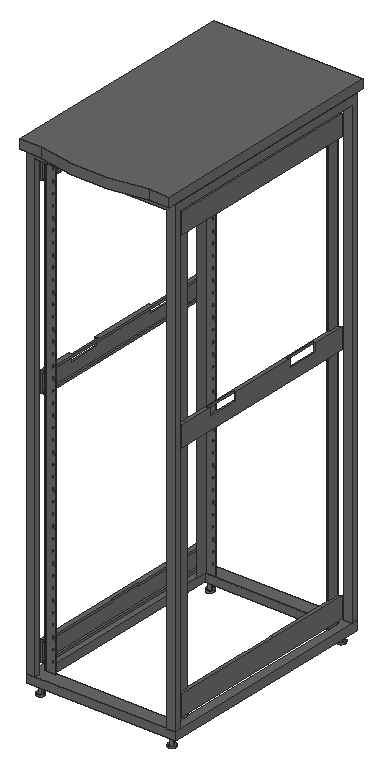
Revit family "V61A-42U-Without doors-09.04.14", category Electrical Equipment, Revit 2013
Parameters (values of type "V61A-42U")
  Weight = 0.00 lbf
  Visibility Door Right [instance] = and(Side Panel Right, not(Hide Doors))  # no
  Visibility Door Left [instance] = and(Side Panel Left, not(Hide Doors))  # no
  Visibility Door Front [instance] = and(Door Front, not(Hide Doors))  # no
  Visibility Door Back [instance] = and(Door Back, not(Hide Doors))  # no
  Version = ""
  Usable Depth = 806.00 mm
  U/M = "EA"
  U Space = "42"
  System = "VPOD"
  Side Panel Right = no
  Side Panel Left = no
  Serial Number = ""
  Segment = "CSS"
  Ports = 0
  Mounting rail 45 U = SIEMON STEEL
  Mounting Rail Material = SIEMON STEEL
  Model = "V61A"
  Metal = SIEMON STEEL
  Manufacturer = "SIEMON"
  Lock = ""
  Loaded/Empty = "N/A"
  Item Group = "RACKS"
  Item Class = "1F"
  Hide Doors [instance] = no
  Door Front = no
  Door Construction Side = if(and(Side Panel Right, Side Panel Left), 2, if(and(not(Side Panel Right), not(Side Panel Left)), 0, 1))  # 0
  Door Construction Front = ""
  Door Construction Back = ""
  Door Back = no
  Description = "WARNING: PLEASE RELOAD FAMILY USING THE TYPE CATALOG"
  Color = "BLACK"
  Cabinet Width Overall = 600.00 mm
  Cabinet Height = 2016.00 mm
  Cabinet Depth = 1000.00 mm
Reference planes
  plane 1 "Center (Front/Back)": y = 0
  plane 2: z = 0
  plane 3 "Center (Left/Right)": x = 0
  plane 4: z = 2011.4
  plane 5: z = 1966.95
  plane 6: z = 1922.5
  plane 7: z = 1878.05
  plane 8: z = 1833.6
  plane 9: z = 1789.15
  plane 10: z = 1744.7
  plane 11: z = 1700.25
  plane 12: z = 1655.8
  plane 13: z = 1611.35
  plane 14: z = 1566.9
  plane 15: z = 1522.45
  plane 16: z = 1478
  plane 17: z = 1433.55
  plane 18: z = 1389.1
  plane 19: z = 1344.65
  plane 20: z = 1300.2
  plane 21: z = 1255.75
  plane 22: z = 1211.3
  plane 23: z = 1166.85
  plane 24: z = 1122.4
  plane 25: z = 1077.95
  plane 26: z = 1033.5
  plane 27: z = 989.05
  plane 28: z = 944.6
  plane 29: z = 900.15
  plane 30: z = 855.7
  plane 31: z = 811.25
  plane 32: z = 766.8
  plane 33: z = 722.35
  plane 34: z = 677.9
  plane 35: z = 633.45
  plane 36: z = 589
  plane 37: z = 544.55
  plane 38: z = 500.1
  plane 39: z = 455.65
  plane 40: z = 411.2
  plane 41: z = 366.75
  plane 42: z = 322.3
  plane 43: z = 277.85
  plane 44: z = 233.4
  plane 45: z = 188.95
  plane 46: z = 144.5
  plane 47: z = 100.05
  plane 48: z = 2055.85
Forms (mm)
  Extrusion 1, solid, material "SIEMON STEEL" <- "Mounting rail 45 U"
    sketch origin (0, -15, -124) x (1, 0, 0) y (0, 1, 0)
      loop
        line (301.386, 985.014) -> (-298.7, 985.014) -> (-298.7, 75) -> (301.386, 75) -> (301.386, 985.014)
    from 2067.5 to 2098.45
  Extrusion 2, solid, material "SIEMON STEEL" <- "Mounting rail 45 U"
    sketch origin (0.137, -90, 0) x (1, 0, 0) y (0, 1, 0)
      loop
        line (266.25, 170.06) -> (266.25, 150) -> (301.25, 150) -> (301.25, 170.06) -> (266.25, 170.06)
      loop
        line (-298.75, 170.06) -> (-298.75, 150) -> (-263.75, 150) -> (-263.75, 170.06) -> (-298.75, 170.06)
      loop
        line (301.25, 1039.94) -> (301.25, 1060) -> (266.25, 1060) -> (266.25, 1039.94) -> (301.25, 1039.94)
      loop
        line (-298.75, 1039.94) -> (-263.75, 1039.94) -> (-263.75, 1060) -> (-298.75, 1060) -> (-298.75, 1039.94)
    from 76.059 to 1943.5
  Extrusion 3, solid, material "SIEMON STEEL" <- "Mounting Rail Material"
    sketch origin (0.02, 0, 10.625) x (1, 0, 0) y (0, 1, 0)
      loop
        line (-298.72, 968.662) -> (-298.72, 60.1) -> (301.366, 60.1) -> (301.366, 968.662) -> (-298.72, 968.662)
      loop
        line (-265, 913.302) -> (-265, 116.7) -> (265, 116.7) -> (265, 913.302) -> (-265, 913.302)
    from 31.504 to 65.034
  Extrusion 4, solid, material "Cold rolled steel (CRS)", detail levels medium+fine
    sketch origin (-25.335, 547.951, 0) x (1, 0, 0) y (0, 1, 0)
      loop
        circle (289.695, 392.503) r 15
    from 0 to 5.027
  Extrusion 5, solid
    sketch origin (114.531, 0, -10) x (1, 0, 0) y (0, 1, 0)
      loop
        circle (149.594, 940.281) r 6
    from 15.027 to 52.129
  Extrusion 6, solid, material "Cold rolled steel (CRS)", detail levels medium+fine
    sketch origin (554.046, 480.196, 0) x (-1, 0, 0) y (0, -1, 0)
      loop
        circle (289.695, 392.503) r 15
    from 0 to 5.027
  Extrusion 7, solid
    sketch origin (413.75, 1028.147, 3.439) x (-1, 0, 0) y (0, -1, 0)
      loop
        circle (149.594, 940.281) r 6
    from 1.589 to 38.69
  Extrusion 8, solid, material "Cold rolled steel (CRS)", detail levels medium+fine
    sketch origin (25.375, 547.951, 0) x (-1, 0, 0) y (0, -1, 0)
      loop
        circle (289.695, -392.503) r 15
    from 0 to 5.027
  Extrusion 9, solid
    sketch origin (-114.491, 0, -10) x (-1, 0, 0) y (0, -1, 0)
      loop
        circle (149.594, -940.281) r 6
    from 15.027 to 52.129
  Extrusion 10, solid, material "Cold rolled steel (CRS)", detail levels medium+fine
    sketch origin (-554.007, 480.196, 0) x (1, 0, 0) y (0, 1, 0)
      loop
        circle (289.695, -392.503) r 15
    from 0 to 5.027
  Extrusion 11, solid
    sketch origin (-413.71, 1028.147, 3.439) x (1, 0, 0) y (0, 1, 0)
      loop
        circle (149.594, -940.281) r 6
    from 1.589 to 38.69
  Extrusion 12, solid, material "SIEMON STEEL"
    sketch origin (0, -0.108, -124) x (1, 0, 0) y (0, 1, 0)
      loop
        line (-298.7, 27.143) -> (-215.3, 27.143)
        arc (-215.3, 27.143) -> (1.343, 0.448) -> (217.986, 27.143) r 892.42
        line (217.986, 27.143) -> (301.386, 27.143) -> (301.386, 1000.156) -> (-298.7, 1000.156) -> (-298.7, 27.143)
    from 2102.5 to 2140
Cuts and joins
  joined: Extrusion 1, Extrusion 2
Lines and regions (mm)
  model lines, detail levels coarse+fine
    curve 1: line (154.83, 904.97, 2017.25) -> (-156.781, 904.97, 2017.25)
    curve 2: line (-161.781, 899.97, 2017.25) -> (-161.781, 861.539, 2017.25)
    curve 3: line (-156.781, 856.539, 2017.25) -> (154.83, 856.539, 2017.25)
    curve 4: arc (-156.781, 904.97, 2017.25) -> (-160.317, 903.506, 2017.25) -> (-161.781, 899.97, 2017.25) r 5
    curve 5: arc (-161.781, 861.539, 2017.25) -> (-160.317, 858.003, 2017.25) -> (-156.781, 856.539, 2017.25) r 5
    curve 6: line (-158.781, 899.97, 2017.25) -> (-158.781, 877.002, 2017.25)
    curve 7: arc (-158.781, 861.539, 2017.25) -> (-158.196, 860.124, 2017.25) -> (-156.781, 859.539, 2017.25) r 2
    curve 8: line (-156.781, 859.539, 2017.25) -> (154.83, 859.539, 2017.25)
    curve 9: line (154.83, 901.97, 2017.25) -> (-156.781, 901.97, 2017.25)
    curve 10: arc (-156.781, 901.97, 2017.25) -> (-158.196, 901.385, 2017.25) -> (-158.781, 899.97, 2017.25) r 2
    curve 11: line (-158.781, 877.002, 2017.25) -> (-158.781, 861.539, 2017.25)
    curve 12: line (159.83, 899.97, 2017.25) -> (159.83, 861.539, 2017.25)
    curve 13: arc (154.83, 904.97, 2017.25) -> (158.366, 903.506, 2017.25) -> (159.83, 899.97, 2017.25) r 5
    curve 14: arc (159.83, 861.539, 2017.25) -> (158.366, 858.003, 2017.25) -> (154.83, 856.539, 2017.25) r 5
    curve 15: line (156.83, 899.97, 2017.25) -> (156.83, 877.002, 2017.25)
    curve 16: arc (156.83, 861.539, 2017.25) -> (156.244, 860.124, 2017.25) -> (154.83, 859.539, 2017.25) r 2
    curve 17: arc (154.83, 901.97, 2017.25) -> (156.244, 901.385, 2017.25) -> (156.83, 899.97, 2017.25) r 2
    curve 18: line (156.83, 877.002, 2017.25) -> (156.83, 861.539, 2017.25)
    curve 19: circle (228.086, 958.058, 2017.25) r 3.361 normal (0, 0, 1)
    curve 20: circle (-239.74, 958.058, 2017.25) r 3.361 normal (0, 0, -1)
    curve 21: circle (-259.391, 929.515, 2017.25) r 6.221 normal (0, 0, 1)
    curve 22: circle (257.661, 929.515, 2017.25) r 6.221 normal (0, 0, -1)
    curve 23: line (236.892, 762.002, 2017.25) -> (-238.02, 762.002, 2017.25)
    curve 24: line (240.895, 757.999, 2017.25) -> (236.892, 762.002, 2017.25)
    curve 25: circle (-162.497, 748.584, 2017.25) r 6.221 normal (0, 0, 1)
    curve 26: circle (163.18, 748.584, 2017.25) r 6.221 normal (0, 0, 1)
    curve 27: line (236.892, 589.225, 2017.25) -> (-238.02, 589.225, 2017.25)
    curve 28: line (-238.02, 589.225, 2017.25) -> (-242.023, 593.227, 2017.25)
    curve 29: line (-242.023, 593.227, 2017.25) -> (-242.023, 757.999, 2017.25)
    curve 30: line (240.895, 757.999, 2017.25) -> (240.895, 593.227, 2017.25)
    curve 31: line (240.895, 593.227, 2017.25) -> (236.892, 589.225, 2017.25)
    curve 32: circle (-162.497, 602.642, 2017.25) r 6.221 normal (0, 0, -1)
    curve 33: circle (163.18, 602.642, 2017.25) r 6.221 normal (0, 0, -1)
    curve 34: line (-242.023, 757.999, 2017.25) -> (-238.02, 762.002, 2017.25)
    curve 35: line (178.58, 213.08, 2017.25) -> (178.58, 524.692, 2017.25)
    curve 36: line (183.58, 529.692, 2017.25) -> (219.512, 529.692, 2017.25)
    curve 37: line (224.512, 524.692, 2017.25) -> (224.512, 213.08, 2017.25)
    curve 38: arc (178.58, 524.692, 2017.25) -> (180.045, 528.227, 2017.25) -> (183.58, 529.692, 2017.25) r 5
    curve 39: arc (219.512, 529.692, 2017.25) -> (223.048, 528.227, 2017.25) -> (224.512, 524.692, 2017.25) r 5
    curve 40: line (183.58, 526.692, 2017.25) -> (199.044, 526.692, 2017.25)
    curve 41: arc (219.512, 526.692, 2017.25) -> (220.926, 526.106, 2017.25) -> (221.512, 524.692, 2017.25) r 2
    curve 42: line (221.512, 524.692, 2017.25) -> (221.512, 213.08, 2017.25)
    curve 43: line (181.58, 213.08, 2017.25) -> (181.58, 524.692, 2017.25)
    curve 44: arc (181.58, 524.692, 2017.25) -> (182.166, 526.106, 2017.25) -> (183.58, 526.692, 2017.25) r 2
    curve 45: line (199.044, 526.692, 2017.25) -> (219.512, 526.692, 2017.25)
    curve 46: line (183.58, 208.08, 2017.25) -> (219.512, 208.08, 2017.25)
    curve 47: arc (178.58, 213.08, 2017.25) -> (180.045, 209.545, 2017.25) -> (183.58, 208.08, 2017.25) r 5
    curve 48: arc (219.512, 208.08, 2017.25) -> (223.048, 209.545, 2017.25) -> (224.512, 213.08, 2017.25) r 5
    curve 49: line (183.58, 211.08, 2017.25) -> (199.044, 211.08, 2017.25)
    curve 50: arc (219.512, 211.08, 2017.25) -> (220.926, 211.666, 2017.25) -> (221.512, 213.08, 2017.25) r 2
    curve 51: arc (181.58, 213.08, 2017.25) -> (182.166, 211.666, 2017.25) -> (183.58, 211.08, 2017.25) r 2
    curve 52: line (199.044, 211.08, 2017.25) -> (219.512, 211.08, 2017.25)
    curve 53: line (-179.708, 213.08, 2017.25) -> (-179.708, 524.692, 2017.25)
    curve 54: line (-184.708, 529.692, 2017.25) -> (-220.64, 529.692, 2017.25)
    curve 55: line (-225.64, 524.692, 2017.25) -> (-225.64, 213.08, 2017.25)
    curve 56: arc (-179.708, 524.692, 2017.25) -> (-181.172, 528.227, 2017.25) -> (-184.708, 529.692, 2017.25) r 5
    curve 57: arc (-220.64, 529.692, 2017.25) -> (-224.175, 528.227, 2017.25) -> (-225.64, 524.692, 2017.25) r 5
    curve 58: line (-184.708, 526.692, 2017.25) -> (-205.176, 526.692, 2017.25)
    curve 59: arc (-220.64, 526.692, 2017.25) -> (-222.054, 526.106, 2017.25) -> (-222.64, 524.692, 2017.25) r 2
    curve 60: line (-222.64, 524.692, 2017.25) -> (-222.64, 213.08, 2017.25)
    curve 61: line (-182.708, 213.08, 2017.25) -> (-182.708, 524.692, 2017.25)
    curve 62: arc (-182.708, 524.692, 2017.25) -> (-183.293, 526.106, 2017.25) -> (-184.708, 526.692, 2017.25) r 2
    curve 63: line (-205.176, 526.692, 2017.25) -> (-220.64, 526.692, 2017.25)
    curve 64: line (-184.708, 208.08, 2017.25) -> (-220.64, 208.08, 2017.25)
    curve 65: arc (-179.708, 213.08, 2017.25) -> (-181.172, 209.545, 2017.25) -> (-184.708, 208.08, 2017.25) r 5
    curve 66: arc (-220.64, 208.08, 2017.25) -> (-224.175, 209.545, 2017.25) -> (-225.64, 213.08, 2017.25) r 5
    curve 67: line (-184.708, 211.08, 2017.25) -> (-205.176, 211.08, 2017.25)
    curve 68: arc (-220.64, 211.08, 2017.25) -> (-222.054, 211.666, 2017.25) -> (-222.64, 213.08, 2017.25) r 2
    curve 69: arc (-182.708, 213.08, 2017.25) -> (-183.293, 211.666, 2017.25) -> (-184.708, 211.08, 2017.25) r 2
    curve 70: line (-205.176, 211.08, 2017.25) -> (-220.64, 211.08, 2017.25)
    curve 71: circle (228.086, 72.089, 2017.25) r 3.361 normal (0, 0, -1)
    curve 72: circle (-239.74, 72.089, 2017.25) r 3.361 normal (0, 0, 1)
    curve 73: circle (-259.391, 93.132, 2017.25) r 6.221 normal (0, 0, -1)
    curve 74: circle (257.661, 93.132, 2017.25) r 6.221 normal (0, 0, 1)
    curve 75: line (158.357, 166.045, 2017.25) -> (-153.254, 166.045, 2017.25)
    curve 76: line (-158.254, 161.045, 2017.25) -> (-158.254, 122.613, 2017.25)
    curve 77: line (-153.254, 117.613, 2017.25) -> (158.357, 117.613, 2017.25)
    curve 78: arc (-153.254, 166.045, 2017.25) -> (-156.79, 164.581, 2017.25) -> (-158.254, 161.045, 2017.25) r 5
    curve 79: arc (-158.254, 122.613, 2017.25) -> (-156.79, 119.078, 2017.25) -> (-153.254, 117.613, 2017.25) r 5
    curve 80: line (-155.254, 161.045, 2017.25) -> (-155.254, 138.077, 2017.25)
    curve 81: arc (-155.254, 122.613, 2017.25) -> (-154.668, 121.199, 2017.25) -> (-153.254, 120.613, 2017.25) r 2
    curve 82: line (-153.254, 120.613, 2017.25) -> (158.357, 120.613, 2017.25)
    curve 83: line (158.357, 163.045, 2017.25) -> (-153.254, 163.045, 2017.25)
    curve 84: arc (-153.254, 163.045, 2017.25) -> (-154.668, 162.459, 2017.25) -> (-155.254, 161.045, 2017.25) r 2
    curve 85: line (-155.254, 138.077, 2017.25) -> (-155.254, 122.613, 2017.25)
    curve 86: line (163.357, 161.045, 2017.25) -> (163.357, 122.613, 2017.25)
    curve 87: arc (158.357, 166.045, 2017.25) -> (161.893, 164.581, 2017.25) -> (163.357, 161.045, 2017.25) r 5
    curve 88: arc (163.357, 122.613, 2017.25) -> (161.893, 119.078, 2017.25) -> (158.357, 117.613, 2017.25) r 5
    curve 89: line (160.357, 161.045, 2017.25) -> (160.357, 145.582, 2017.25)
    curve 90: arc (160.357, 122.613, 2017.25) -> (159.772, 121.199, 2017.25) -> (158.357, 120.613, 2017.25) r 2
    curve 91: arc (158.357, 163.045, 2017.25) -> (159.772, 162.459, 2017.25) -> (160.357, 161.045, 2017.25) r 2
    curve 92: line (160.357, 145.582, 2017.25) -> (160.357, 122.613, 2017.25)
Nested families
  nested 1: "VersaPOD-Frame" at (0.084, 486.862, -7.333), type "VersaPOD-Frame"
  nested 2: "VersaPOD-Frame" at (0.853, 486.862, -7.333) x (-1, 0, 0) z (0, 0, 1), type "VersaPOD-Frame"
  nested 3: "VersaPOD-Frame" at (0.853, 543.86, -7.333) x (-1, 0, 0) z (0, 0, 1), type "VersaPOD-Frame"
  nested 4: "VersaPOD-Frame" at (0.084, 543.841, -7.333), type "VersaPOD-Frame"
  nested 5: "CC" at (177.79, 77.47, 1070.285) x (0, -1, 0) z (1, 0, 0), type "CC"
  nested 6: "CC" at (-177.79, 76.22, 1070.285) x (0, -1, 0) z (-1, 0, 0), type "CC"
  nested 7: "CC-new" at (177.813, 954.94, 100.3) x (0, 1, 0) z (1, 0, 0), type "CC-new"
  nested 8: "CC-new" at (-177.813, 954.94, 100.3) x (0, 1, 0) z (-1, 0, 0), type "CC-new"
  nested 9: "CC-new" at (177.813, 954.94, 1838.581) x (0, 1, 0) z (1, 0, 0), type "CC-new"
  nested 10: "CC-new" at (-177.812, 954.94, 1838.581) x (0, 1, 0) z (-1, 0, 0), type "CC-new"
Definition of nested family "VersaPOD-Frame"
  Parameters (values of type "VersaPOD-Frame")
    Material = SIEMON STEEL
    Assembly Code = ""
  Reference planes
    plane 1 "Center (Front/Back)": y = 0
    plane 2: z = 0
    plane 3 "Center (Left/Right)": x = 0
  Forms (mm)
    Extrusion 1, solid, material "SIEMON STEEL(1)"
      sketch origin (168.748, 374.529, 83.392) x (-1, 0, 0) y (0, 0, 1)
        loop
          line (-97.502, 1867) -> (-97.502, 0) -> (-54.5, 0) -> (-54.5, 1867) -> (-97.502, 1867)
        loop
          line (-66.648, 1866.197) -> (-66.648, 1856.697) -> (-57.148, 1856.697) -> (-57.148, 1866.197) -> (-66.648, 1866.197)
        loop
          line (-66.648, 1777.397) -> (-66.648, 1767.897) -> (-57.148, 1767.897) -> (-57.148, 1777.397) -> (-66.648, 1777.397)
        loop
          line (-66.648, 1812.297) -> (-57.148, 1812.297) -> (-57.148, 1821.797) -> (-66.648, 1821.797) -> (-66.648, 1812.297)
        loop
          line (-66.648, 1599.797) -> (-66.648, 1590.297) -> (-57.148, 1590.297) -> (-57.148, 1599.797) -> (-66.648, 1599.797)
        loop
          line (-66.648, 1634.697) -> (-57.148, 1634.697) -> (-57.148, 1644.197) -> (-66.648, 1644.197) -> (-66.648, 1634.697)
        loop
          line (-66.648, 1723.497) -> (-57.148, 1723.497) -> (-57.148, 1732.997) -> (-66.648, 1732.997) -> (-66.648, 1723.497)
        loop
          line (-66.648, 1688.597) -> (-66.648, 1679.097) -> (-57.148, 1679.097) -> (-57.148, 1688.597) -> (-66.648, 1688.597)
        loop
          line (-66.648, 1244.597) -> (-66.648, 1235.097) -> (-57.148, 1235.097) -> (-57.148, 1244.597) -> (-66.648, 1244.597)
        loop
          line (-66.648, 1279.497) -> (-57.148, 1279.497) -> (-57.148, 1288.997) -> (-66.648, 1288.997) -> (-66.648, 1279.497)
        loop
          line (-66.648, 1368.297) -> (-57.148, 1368.297) -> (-57.148, 1377.797) -> (-66.648, 1377.797) -> (-66.648, 1368.297)
        loop
          line (-66.648, 1333.397) -> (-66.648, 1323.897) -> (-57.148, 1323.897) -> (-57.148, 1333.397) -> (-66.648, 1333.397)
        loop
          line (-66.648, 1545.897) -> (-57.148, 1545.897) -> (-57.148, 1555.397) -> (-66.648, 1555.397) -> (-66.648, 1545.897)
        loop
          line (-66.648, 1510.997) -> (-66.648, 1501.497) -> (-57.148, 1501.497) -> (-57.148, 1510.997) -> (-66.648, 1510.997)
        loop
          line (-66.648, 1422.197) -> (-66.648, 1412.697) -> (-57.148, 1412.697) -> (-57.148, 1422.197) -> (-66.648, 1422.197)
        loop
          line (-66.648, 1457.097) -> (-57.148, 1457.097) -> (-57.148, 1466.597) -> (-66.648, 1466.597) -> (-66.648, 1457.097)
        loop
          line (-66.648, 534.197) -> (-66.648, 524.697) -> (-57.148, 524.697) -> (-57.148, 534.197) -> (-66.648, 534.197)
        loop
          line (-66.648, 569.097) -> (-57.148, 569.097) -> (-57.148, 578.597) -> (-66.648, 578.597) -> (-66.648, 569.097)
        loop
          line (-66.648, 657.897) -> (-57.148, 657.897) -> (-57.148, 667.397) -> (-66.648, 667.397) -> (-66.648, 657.897)
        loop
          line (-66.648, 622.997) -> (-66.648, 613.497) -> (-57.148, 613.497) -> (-57.148, 622.997) -> (-66.648, 622.997)
        loop
          line (-66.648, 835.497) -> (-57.148, 835.497) -> (-57.148, 844.997) -> (-66.648, 844.997) -> (-66.648, 835.497)
        loop
          line (-66.648, 800.597) -> (-66.648, 791.097) -> (-57.148, 791.097) -> (-57.148, 800.597) -> (-66.648, 800.597)
        loop
          line (-66.648, 711.797) -> (-66.648, 702.297) -> (-57.148, 702.297) -> (-57.148, 711.797) -> (-66.648, 711.797)
        loop
          line (-66.648, 746.697) -> (-57.148, 746.697) -> (-57.148, 756.197) -> (-66.648, 756.197) -> (-66.648, 746.697)
        loop
          line (-66.648, 1190.697) -> (-57.148, 1190.697) -> (-57.148, 1200.197) -> (-66.648, 1200.197) -> (-66.648, 1190.697)
        loop
          line (-66.648, 1155.797) -> (-66.648, 1146.297) -> (-57.148, 1146.297) -> (-57.148, 1155.797) -> (-66.648, 1155.797)
        loop
          line (-66.648, 1066.997) -> (-66.648, 1057.497) -> (-57.148, 1057.497) -> (-57.148, 1066.997) -> (-66.648, 1066.997)
        loop
          line (-66.648, 1101.897) -> (-57.148, 1101.897) -> (-57.148, 1111.397) -> (-66.648, 1111.397) -> (-66.648, 1101.897)
        loop
          line (-66.648, 889.397) -> (-66.648, 879.897) -> (-57.148, 879.897) -> (-57.148, 889.397) -> (-66.648, 889.397)
        loop
          line (-66.648, 924.297) -> (-57.148, 924.297) -> (-57.148, 933.797) -> (-66.648, 933.797) -> (-66.648, 924.297)
        loop
          line (-66.648, 1013.097) -> (-57.148, 1013.097) -> (-57.148, 1022.597) -> (-66.648, 1022.597) -> (-66.648, 1013.097)
        loop
          line (-66.648, 978.197) -> (-66.648, 968.697) -> (-57.148, 968.697) -> (-57.148, 978.197) -> (-66.648, 978.197)
        loop
          line (-66.648, 480.297) -> (-57.148, 480.297) -> (-57.148, 489.797) -> (-66.648, 489.797) -> (-66.648, 480.297)
        loop
          line (-66.648, 445.397) -> (-66.648, 435.897) -> (-57.148, 435.897) -> (-57.148, 445.397) -> (-66.648, 445.397)
        loop
          line (-66.648, 356.597) -> (-66.648, 347.097) -> (-57.148, 347.097) -> (-57.148, 356.597) -> (-66.648, 356.597)
        loop
          line (-66.648, 391.497) -> (-57.148, 391.497) -> (-57.148, 400.997) -> (-66.648, 400.997) -> (-66.648, 391.497)
        loop
          line (-66.648, 178.997) -> (-66.648, 169.497) -> (-57.148, 169.497) -> (-57.148, 178.997) -> (-66.648, 178.997)
        loop
          line (-66.648, 213.897) -> (-57.148, 213.897) -> (-57.148, 223.397) -> (-66.648, 223.397) -> (-66.648, 213.897)
        loop
          line (-66.648, 302.697) -> (-57.148, 302.697) -> (-57.148, 312.197) -> (-66.648, 312.197) -> (-66.648, 302.697)
        loop
          line (-66.648, 267.797) -> (-66.648, 258.297) -> (-57.148, 258.297) -> (-57.148, 267.797) -> (-66.648, 267.797)
        loop
          line (-66.648, 125.097) -> (-57.148, 125.097) -> (-57.148, 134.597) -> (-66.648, 134.597) -> (-66.648, 125.097)
        loop
          line (-66.648, 90.197) -> (-66.648, 80.697) -> (-57.148, 80.697) -> (-57.148, 90.197) -> (-66.648, 90.197)
        loop
          line (-66.648, 36.297) -> (-57.148, 36.297) -> (-57.148, 45.797) -> (-66.648, 45.797) -> (-66.648, 36.297)
      from -2 to 0
    Extrusion 2, solid, material "SIEMON STEEL(1)"
      sketch origin (264.25, 275.026, 83.392) x (0, -1, 0) y (0, 0, 1)
        loop
          line (-97.502, 1867) -> (-97.502, 0) -> (-54.5, 0) -> (-54.5, 1867) -> (-97.502, 1867)
      from -2 to 0
  Lines and regions (mm)
    model lines
      curve 1: line (266.251, 332.174, 1772.269) -> (266.251, 341.674, 1772.269)
      curve 2: line (266.251, 332.174, 1762.769) -> (266.251, 332.174, 1772.269)
      curve 3: line (266.251, 341.674, 1762.769) -> (266.251, 332.174, 1762.769)
      curve 4: line (266.251, 341.674, 1772.269) -> (266.251, 341.674, 1762.769)
      curve 5: line (266.251, 332.174, 1727.988) -> (266.251, 341.674, 1727.988)
      curve 6: line (266.251, 332.174, 1718.488) -> (266.251, 332.174, 1727.988)
      curve 7: line (266.251, 341.674, 1718.488) -> (266.251, 332.174, 1718.488)
      curve 8: line (266.251, 341.674, 1727.988) -> (266.251, 341.674, 1718.488)
      curve 9: line (266.251, 332.174, 1683.588) -> (266.251, 341.674, 1683.588)
      curve 10: line (266.251, 332.174, 1674.088) -> (266.251, 332.174, 1683.588)
      curve 11: line (266.251, 341.674, 1674.088) -> (266.251, 332.174, 1674.088)
      curve 12: line (266.251, 341.674, 1683.588) -> (266.251, 341.674, 1674.088)
      curve 13: line (266.251, 332.174, 1461.827) -> (266.251, 341.674, 1461.827)
      curve 14: line (266.251, 332.174, 1452.327) -> (266.251, 332.174, 1461.827)
      curve 15: line (266.251, 341.674, 1452.327) -> (266.251, 332.174, 1452.327)
      curve 16: line (266.251, 341.674, 1461.827) -> (266.251, 341.674, 1452.327)
      curve 17: line (266.251, 332.174, 1417.547) -> (266.251, 341.674, 1417.547)
      curve 18: line (266.251, 332.174, 1408.047) -> (266.251, 332.174, 1417.547)
      curve 19: line (266.251, 341.674, 1408.047) -> (266.251, 332.174, 1408.047)
      curve 20: line (266.251, 341.674, 1417.547) -> (266.251, 341.674, 1408.047)
      curve 21: line (266.251, 332.174, 1373.147) -> (266.251, 341.674, 1373.147)
      curve 22: line (266.251, 332.174, 1363.647) -> (266.251, 332.174, 1373.147)
      curve 23: line (266.251, 341.674, 1363.647) -> (266.251, 332.174, 1363.647)
      curve 24: line (266.251, 341.674, 1373.147) -> (266.251, 341.674, 1363.647)
      curve 25: line (266.251, 332.174, 1151.505) -> (266.251, 341.674, 1151.505)
      curve 26: line (266.251, 332.174, 1142.005) -> (266.251, 332.174, 1151.505)
      curve 27: line (266.251, 341.674, 1142.005) -> (266.251, 332.174, 1142.005)
      curve 28: line (266.251, 341.674, 1151.505) -> (266.251, 341.674, 1142.005)
      curve 29: line (266.251, 332.174, 1107.224) -> (266.251, 341.674, 1107.224)
      curve 30: line (266.251, 332.174, 1097.724) -> (266.251, 332.174, 1107.224)
      curve 31: line (266.251, 341.674, 1097.724) -> (266.251, 332.174, 1097.724)
      curve 32: line (266.251, 341.674, 1107.224) -> (266.251, 341.674, 1097.724)
      curve 33: line (266.251, 332.174, 1062.824) -> (266.251, 341.674, 1062.824)
      curve 34: line (266.251, 332.174, 1053.324) -> (266.251, 332.174, 1062.824)
      curve 35: line (266.251, 341.674, 1053.324) -> (266.251, 332.174, 1053.324)
      curve 36: line (266.251, 341.674, 1062.824) -> (266.251, 341.674, 1053.324)
      curve 37: line (266.251, 332.174, 841.068) -> (266.251, 341.674, 841.068)
      curve 38: line (266.251, 332.174, 831.568) -> (266.251, 332.174, 841.068)
      curve 39: line (266.251, 341.674, 831.568) -> (266.251, 332.174, 831.568)
      curve 40: line (266.251, 341.674, 841.068) -> (266.251, 341.674, 831.568)
      curve 41: line (266.251, 332.174, 796.787) -> (266.251, 341.674, 796.787)
      curve 42: line (266.251, 332.174, 787.287) -> (266.251, 332.174, 796.787)
      curve 43: line (266.251, 341.674, 787.287) -> (266.251, 332.174, 787.287)
      curve 44: line (266.251, 341.674, 796.787) -> (266.251, 341.674, 787.287)
      curve 45: line (266.251, 332.174, 752.387) -> (266.251, 341.674, 752.387)
      curve 46: line (266.251, 332.174, 742.887) -> (266.251, 332.174, 752.387)
      curve 47: line (266.251, 341.674, 742.887) -> (266.251, 332.174, 742.887)
      curve 48: line (266.251, 341.674, 752.387) -> (266.251, 341.674, 742.887)
      curve 49: line (266.251, 332.174, 530.746) -> (266.251, 341.674, 530.746)
      curve 50: line (266.251, 332.174, 521.246) -> (266.251, 332.174, 530.746)
      curve 51: line (266.251, 341.674, 521.246) -> (266.251, 332.174, 521.246)
      curve 52: line (266.251, 341.674, 530.746) -> (266.251, 341.674, 521.246)
      curve 53: line (266.251, 332.174, 486.465) -> (266.251, 341.674, 486.465)
      curve 54: line (266.251, 332.174, 476.965) -> (266.251, 332.174, 486.465)
      curve 55: line (266.251, 341.674, 476.965) -> (266.251, 332.174, 476.965)
      curve 56: line (266.251, 341.674, 486.465) -> (266.251, 341.674, 476.965)
      curve 57: line (266.251, 332.174, 442.065) -> (266.251, 341.674, 442.065)
      curve 58: line (266.251, 332.174, 432.565) -> (266.251, 332.174, 442.065)
      curve 59: line (266.251, 341.674, 432.565) -> (266.251, 332.174, 432.565)
      curve 60: line (266.251, 341.674, 442.065) -> (266.251, 341.674, 432.565)
      curve 61: line (266.251, 332.174, 220.304) -> (266.251, 341.674, 220.304)
      curve 62: line (266.251, 332.174, 210.804) -> (266.251, 332.174, 220.304)
      curve 63: line (266.251, 341.674, 210.804) -> (266.251, 332.174, 210.804)
      curve 64: line (266.251, 341.674, 220.304) -> (266.251, 341.674, 210.804)
      curve 65: line (266.251, 332.174, 176.023) -> (266.251, 341.674, 176.023)
      curve 66: line (266.251, 332.174, 166.523) -> (266.251, 332.174, 176.023)
      curve 67: line (266.251, 341.674, 166.523) -> (266.251, 332.174, 166.523)
      curve 68: line (266.251, 341.674, 176.023) -> (266.251, 341.674, 166.523)
      curve 69: line (266.251, 332.174, 131.623) -> (266.251, 341.674, 131.623)
      curve 70: line (266.251, 332.174, 122.123) -> (266.251, 332.174, 131.623)
      curve 71: line (266.251, 341.674, 122.123) -> (266.251, 332.174, 122.123)
      curve 72: line (266.251, 341.674, 131.623) -> (266.251, 341.674, 122.123)
      curve 73: line (266.251, 332.174, 1949.63) -> (266.251, 341.674, 1949.63)
      curve 74: line (266.251, 332.174, 1940.13) -> (266.251, 332.174, 1949.63)
      curve 75: line (266.251, 341.674, 1940.13) -> (266.251, 332.174, 1940.13)
      curve 76: line (266.251, 341.674, 1949.63) -> (266.251, 341.674, 1940.13)
      curve 77: line (266.251, 332.174, 1905.23) -> (266.251, 341.674, 1905.23)
      curve 78: line (266.251, 332.174, 1895.73) -> (266.251, 332.174, 1905.23)
      curve 79: line (266.251, 341.674, 1895.73) -> (266.251, 332.174, 1895.73)
      curve 80: line (266.251, 341.674, 1905.23) -> (266.251, 341.674, 1895.73)
      curve 81: line (266.251, 332.174, 1860.95) -> (266.251, 341.674, 1860.95)
      curve 82: line (266.251, 332.174, 1851.45) -> (266.251, 332.174, 1860.95)
      curve 83: line (266.251, 341.674, 1851.45) -> (266.251, 332.174, 1851.45)
      curve 84: line (266.251, 341.674, 1860.95) -> (266.251, 341.674, 1851.45)
      curve 85: line (266.251, 332.174, 1816.55) -> (266.251, 341.674, 1816.55)
      curve 86: line (266.251, 332.174, 1807.05) -> (266.251, 332.174, 1816.55)
      curve 87: line (266.251, 341.674, 1807.05) -> (266.251, 332.174, 1807.05)
      curve 88: line (266.251, 341.674, 1816.55) -> (266.251, 341.674, 1807.05)
      curve 89: line (266.251, 332.174, 1639.308) -> (266.251, 341.674, 1639.308)
      curve 90: line (266.251, 332.174, 1629.808) -> (266.251, 332.174, 1639.308)
      curve 91: line (266.251, 341.674, 1629.808) -> (266.251, 332.174, 1629.808)
      curve 92: line (266.251, 341.674, 1639.308) -> (266.251, 341.674, 1629.808)
      curve 93: line (266.251, 332.174, 1594.908) -> (266.251, 341.674, 1594.908)
      curve 94: line (266.251, 332.174, 1585.408) -> (266.251, 332.174, 1594.908)
      curve 95: line (266.251, 341.674, 1585.408) -> (266.251, 332.174, 1585.408)
      curve 96: line (266.251, 341.674, 1594.908) -> (266.251, 341.674, 1585.408)
      curve 97: line (266.251, 332.174, 1550.627) -> (266.251, 341.674, 1550.627)
      curve 98: line (266.251, 332.174, 1541.127) -> (266.251, 332.174, 1550.627)
      curve 99: line (266.251, 341.674, 1541.127) -> (266.251, 332.174, 1541.127)
      curve 100: line (266.251, 341.674, 1550.627) -> (266.251, 341.674, 1541.127)
      curve 101: line (266.251, 332.174, 1506.227) -> (266.251, 341.674, 1506.227)
      curve 102: line (266.251, 332.174, 1496.727) -> (266.251, 332.174, 1506.227)
      curve 103: line (266.251, 341.674, 1496.727) -> (266.251, 332.174, 1496.727)
      curve 104: line (266.251, 341.674, 1506.227) -> (266.251, 341.674, 1496.727)
      curve 105: line (266.251, 332.174, 1328.866) -> (266.251, 341.674, 1328.866)
      curve 106: line (266.251, 332.174, 1319.366) -> (266.251, 332.174, 1328.866)
      curve 107: line (266.251, 341.674, 1319.366) -> (266.251, 332.174, 1319.366)
      curve 108: line (266.251, 341.674, 1328.866) -> (266.251, 341.674, 1319.366)
      curve 109: line (266.251, 332.174, 1284.466) -> (266.251, 341.674, 1284.466)
      curve 110: line (266.251, 332.174, 1274.966) -> (266.251, 332.174, 1284.466)
      curve 111: line (266.251, 341.674, 1274.966) -> (266.251, 332.174, 1274.966)
      curve 112: line (266.251, 341.674, 1284.466) -> (266.251, 341.674, 1274.966)
      curve 113: line (266.251, 332.174, 1240.185) -> (266.251, 341.674, 1240.185)
      curve 114: line (266.251, 332.174, 1230.685) -> (266.251, 332.174, 1240.185)
      curve 115: line (266.251, 341.674, 1230.685) -> (266.251, 332.174, 1230.685)
      curve 116: line (266.251, 341.674, 1240.185) -> (266.251, 341.674, 1230.685)
      curve 117: line (266.251, 332.174, 1195.785) -> (266.251, 341.674, 1195.785)
      curve 118: line (266.251, 332.174, 1186.285) -> (266.251, 332.174, 1195.785)
      curve 119: line (266.251, 341.674, 1186.285) -> (266.251, 332.174, 1186.285)
      curve 120: line (266.251, 341.674, 1195.785) -> (266.251, 341.674, 1186.285)
      curve 121: line (266.251, 332.174, 1018.543) -> (266.251, 341.674, 1018.543)
      curve 122: line (266.251, 332.174, 1009.043) -> (266.251, 332.174, 1018.543)
      curve 123: line (266.251, 341.674, 1009.043) -> (266.251, 332.174, 1009.043)
      curve 124: line (266.251, 341.674, 1018.543) -> (266.251, 341.674, 1009.043)
      curve 125: line (266.251, 332.174, 974.143) -> (266.251, 341.674, 974.143)
      curve 126: line (266.251, 332.174, 964.643) -> (266.251, 332.174, 974.143)
      curve 127: line (266.251, 341.674, 964.643) -> (266.251, 332.174, 964.643)
      curve 128: line (266.251, 341.674, 974.143) -> (266.251, 341.674, 964.643)
      curve 129: line (266.251, 332.174, 929.863) -> (266.251, 341.674, 929.863)
      curve 130: line (266.251, 332.174, 920.363) -> (266.251, 332.174, 929.863)
      curve 131: line (266.251, 341.674, 920.363) -> (266.251, 332.174, 920.363)
      curve 132: line (266.251, 341.674, 929.863) -> (266.251, 341.674, 920.363)
      curve 133: line (266.251, 332.174, 885.463) -> (266.251, 341.674, 885.463)
      curve 134: line (266.251, 332.174, 875.963) -> (266.251, 332.174, 885.463)
      curve 135: line (266.251, 341.674, 875.963) -> (266.251, 332.174, 875.963)
      curve 136: line (266.251, 341.674, 885.463) -> (266.251, 341.674, 875.963)
      curve 137: line (266.251, 332.174, 708.107) -> (266.251, 341.674, 708.107)
      curve 138: line (266.251, 332.174, 698.607) -> (266.251, 332.174, 708.107)
      curve 139: line (266.251, 341.674, 698.607) -> (266.251, 332.174, 698.607)
      curve 140: line (266.251, 341.674, 708.107) -> (266.251, 341.674, 698.607)
      curve 141: line (266.251, 332.174, 663.707) -> (266.251, 341.674, 663.707)
      curve 142: line (266.251, 332.174, 654.207) -> (266.251, 332.174, 663.707)
      curve 143: line (266.251, 341.674, 654.207) -> (266.251, 332.174, 654.207)
      curve 144: line (266.251, 341.674, 663.707) -> (266.251, 341.674, 654.207)
      curve 145: line (266.251, 332.174, 619.426) -> (266.251, 341.674, 619.426)
      curve 146: line (266.251, 332.174, 609.926) -> (266.251, 332.174, 619.426)
      curve 147: line (266.251, 341.674, 609.926) -> (266.251, 332.174, 609.926)
      curve 148: line (266.251, 341.674, 619.426) -> (266.251, 341.674, 609.926)
      curve 149: line (266.251, 332.174, 575.026) -> (266.251, 341.674, 575.026)
      curve 150: line (266.251, 332.174, 565.526) -> (266.251, 332.174, 575.026)
      curve 151: line (266.251, 341.674, 565.526) -> (266.251, 332.174, 565.526)
      curve 152: line (266.251, 341.674, 575.026) -> (266.251, 341.674, 565.526)
      curve 153: line (266.251, 332.174, 397.784) -> (266.251, 341.674, 397.784)
      curve 154: line (266.251, 332.174, 388.284) -> (266.251, 332.174, 397.784)
      curve 155: line (266.251, 341.674, 388.284) -> (266.251, 332.174, 388.284)
      curve 156: line (266.251, 341.674, 397.784) -> (266.251, 341.674, 388.284)
      curve 157: line (266.251, 332.174, 353.384) -> (266.251, 341.674, 353.384)
      curve 158: line (266.251, 332.174, 343.884) -> (266.251, 332.174, 353.384)
      curve 159: line (266.251, 341.674, 343.884) -> (266.251, 332.174, 343.884)
      curve 160: line (266.251, 341.674, 353.384) -> (266.251, 341.674, 343.884)
      curve 161: line (266.251, 332.174, 309.104) -> (266.251, 341.674, 309.104)
      curve 162: line (266.251, 332.174, 299.604) -> (266.251, 332.174, 309.104)
      curve 163: line (266.251, 341.674, 299.604) -> (266.251, 332.174, 299.604)
      curve 164: line (266.251, 341.674, 309.104) -> (266.251, 341.674, 299.604)
      curve 165: line (266.251, 332.174, 264.704) -> (266.251, 341.674, 264.704)
      curve 166: line (266.251, 332.174, 255.204) -> (266.251, 332.174, 264.704)
      curve 167: line (266.251, 341.674, 255.204) -> (266.251, 332.174, 255.204)
      curve 168: line (266.251, 341.674, 264.704) -> (266.251, 341.674, 255.204)
  Dimensions and locks
    Extrusion 1 sketch curve to Extrusion 1 sketch curve = 1867.00 mm
Definition of nested family "CC"
  Parameters (values of type "CC")
    Default Elevation = 1219.20 mm
  Reference planes
    plane 1 "Center (Front/Back)": y = 0
    plane 2: z = 0
    plane 3 "Center (Left/Right)": x = 0
  Forms (mm)
    Extrusion 1, solid
      sketch origin (0, 0, 0) x (1, 0, 0) y (0, 1, 0)
        loop
          line (-1219.2, 1219.2) -> (-1219.2, -1219.2) -> (1219.2, -1219.2) -> (1219.2, 1219.2) -> (-1219.2, 1219.2)
      from 0 to -7.47
    Extrusion 2, solid, material "SIEMON STEEL"
      sketch origin (-341.312, 0, 0) x (0, 1, 0) y (0, 0, 1)
        loop
          line (-1.769, 105.31) -> (-1.769, 87.225) -> (4.384, 87.225) -> (4.384, 98.86) -> (74.488, 98.86) -> (74.488, 87.225) -> (80.838, 87.225) -> (80.838, 105.31) -> (-1.769, 105.31)
      from -499.089 to 304.8
    Extrusion 3, void
      sketch origin (0, 0, 0) x (1, 0, 0) y (0, 1, 0)
        loop
          line (-177.308, 49.088) -> (-177.308, 80.838) -> (-308.689, 80.838) -> (-308.689, 49.088) -> (-177.308, 49.088)
        loop
          line (-577.136, 49.088) -> (-577.136, 80.838) -> (-708.869, 80.838) -> (-708.869, 49.088) -> (-577.136, 49.088)
      from 94.663 to 105.31
  Cuts and joins
    Extrusion 3 cuts Extrusion 2
  Dimensions and locks
    aligned and locked: plane 2 to Extrusion 1
    aligned and locked: level to Extrusion 1
Definition of nested family "CC-new"
  Parameters (values of type "CC-new")
    Default Elevation = 1219.20 mm
  Reference planes
    plane 1 "Center (Front/Back)": y = 0
    plane 2: z = 0
    plane 3 "Center (Left/Right)": x = 0
  Forms (mm)
    Extrusion 1, solid
      sketch origin (0, 0, 0) x (1, 0, 0) y (0, 1, 0)
        loop
          line (-1219.2, 1219.2) -> (-1219.2, -1219.2) -> (1219.2, -1219.2) -> (1219.2, 1219.2) -> (-1219.2, 1219.2)
      from 0 to -13.982
    Extrusion 2, solid, material "SIEMON STEEL"
      sketch origin (-341.312, 0, 0) x (0, 1, 0) y (0, 0, 1)
        loop
          line (-1.769, 105.31) -> (-1.769, 87.225) -> (4.384, 87.225) -> (4.384, 98.86) -> (74.488, 98.86) -> (74.488, 87.225) -> (80.838, 87.225) -> (80.838, 105.31) -> (-1.769, 105.31)
      from -499.089 to 304.8
    Extrusion 3, void
      sketch origin (0, 63.75, 0) x (1, 0, 0) y (0, 1, 0)
        loop
          line (-371.933, 10.738) -> (-371.933, 17.084) -> (-503.314, 17.084) -> (-503.314, 10.738) -> (-371.933, 10.738)
      from 87.225 to 92.572
  Cuts and joins
    Extrusion 3 cuts Extrusion 2
  Dimensions and locks
    Extrusion 3 sketch curve to cut or joined group of Extrusion 2, Extrusion 3 = 335.42 mm
    cut or joined group of Extrusion 2, Extrusion 3 to Extrusion 3 sketch curve = 337.087 mm
    aligned and locked: plane 2 to Extrusion 1
    aligned and locked: level to Extrusion 1
